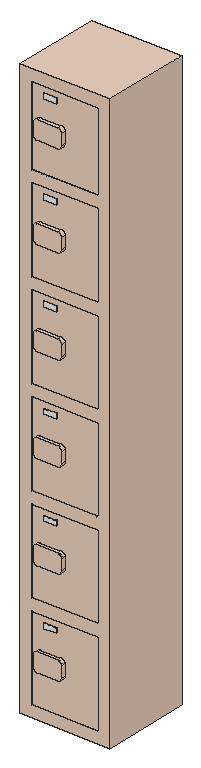
Revit family
Parameters
  Width = 1' - 0"
  Warranty Duration (Years) = 0
  URL = "http://www.asilockers.com/"
  Specification = "http://www.arcat.com/sdspecs/htm/10503asi.htm"
  Send Message = "http://www.arcat.com/users.pl?action=UserEmail&company=ASI%20Storage%20Solutions%20Inc.&coid=42798&rep=139&fax=901-312-6197&mf="
  Sales Information = "http://www.asilockers.com/company.html"
  Revision = "R1_08-2010"
  Product Properties = "http://www.arcat.com/bim/bim_info.pl?fn=ASIStorage"
  Product Data = "http://www.arcat.com/arcatcos/cos42/arc42798.html"
  Number Plate Material = Metal - Polished Aluminum
  Model = "As Specified in 10 51 13"
  Manufacturer Website = "http://www.asilockers.com/"
  Manufacturer Phone = "901-312-6195 "
  Manufacturer Fax = "901-312-6197"
  Manufacturer Address = "4444 Delp St., Memphis, TN 38118"
  Manufacturer = "ASI Storage Solutions Inc."
  Maintenance Schedule (Months) = 0
  Keynote = "10 51 13"
  Installation-Fabrication = "http://www.asilockers.com/installation-assembly/installation.pdf"
  Installation Phase = ""
  Height = 6' - 6"
  Finish = "High density polyethylene (HDPE) sheet"
  Expected Lifespan (Years) = 0
  Drawn By = "Robert S. Weygant, CSI, CDT, SCIP"
  Description = "As Specified in 10 51 13"
  Depth = 1' - 0"
  Copyright = "2010, ARCAT, Inc"
  Construction Details = "http://www.asilockers.com/installation-assembly/one-page-assembly.pdf"
  Color Chart = "http://www.asilockers.com/color-guide.html"
  Color [instance] = Plastic - Ivory Essence Speckle #9500
  Assembly Code = "E2010200"
Reference planes (in)
  plane 1 "Center (Front/Back)": y = 0
  plane 2 "Bottom": z = 0
  plane 3 "Center (Left/Right)": x = 0
  plane 4 "Front": y = -6
  plane 5 "Back": y = 6
  plane 6 "Left": x = -6
  plane 7 "Right": x = 6
  plane 8 "Top": z = 78
  plane 9 "General Ref 2": z = 65.125
  plane 10 "General Ref 3": z = 52.25
  plane 11 "General Ref 4": z = 39.375
  plane 12 "General Ref 1": z = 77.25
  plane 13 "General Ref 5": z = 0.75
  plane 14 "General Ref 6": z = 26.5
  plane 15 "General Ref 7": z = 13.625
Forms (in)
  Extrusion 1, solid, material "Plastic - Ivory Essence Speckle #9500" <- "Color"
    sketch origin (0, 0, 0) x (1, 0, 0) y (0, 0, 1)
      loop
        line (-6, 78) -> (-6, 0) -> (6, 0) -> (6, 78) -> (-6, 78)
      loop
        line (4.5, 76.5) -> (-4.5, 76.5) -> (-4.5, 65.875) -> (4.5, 65.875) -> (4.5, 76.5)
      loop
        line (-4.5, 1.5) -> (4.5, 1.5) -> (4.5, 12.875) -> (-4.5, 12.875) -> (-4.5, 1.5)
      loop
        line (-4.5, 64.375) -> (-4.5, 53) -> (4.5, 53) -> (4.5, 64.375) -> (-4.5, 64.375)
      loop
        line (-4.5, 51.5) -> (-4.5, 40.125) -> (4.5, 40.125) -> (4.5, 51.5) -> (-4.5, 51.5)
      loop
        line (-4.5, 38.625) -> (-4.5, 27.25) -> (4.5, 27.25) -> (4.5, 38.625) -> (-4.5, 38.625)
      loop
        line (-4.5, 25.75) -> (-4.5, 14.375) -> (4.5, 14.375) -> (4.5, 25.75) -> (-4.5, 25.75)
    from -6 to 6
  Extrusion 2, solid, material "Plastic - Ivory Essence Speckle #9500" <- "Color"
    sketch origin (0, 0, 0) x (1, 0, 0) y (0, 0, 1)
      loop
        line (5, 76.75) -> (-5, 76.75) -> (-5, 1.25) -> (5, 1.25) -> (5, 76.75)
    from -6 to 5.88
Cuts and joins
  joined: Extrusion 1, Extrusion 2
Dimensions and locks (in)
  equal spacing: plane 6 "Left", plane 3 "Center (Left/Right)", plane 7 "Right"
  equal spacing: plane 5 "Back", plane 1 "Center (Front/Back)", plane 4 "Front"
  "Width": plane 6 "Left" to plane 7 "Right"
  "Depth": plane 5 "Back" to plane 4 "Front"
  "Height": plane 8 "Top" to level
  locked: plane 4 "Front" to Extrusion 2 at 0.12
  equal spacing: plane 8 "Top", plane 9 "General Ref 2", plane 10 "General Ref 3", plane 11 "General Ref 4", plane 14 "General Ref 6", plane 15 "General Ref 7", plane 13 "General Ref 5"
  equal spacing: plane 12 "General Ref 1", nested 2, plane 9 "General Ref 2"
  equal spacing: plane 9 "General Ref 2", nested 3, plane 10 "General Ref 3"
  equal spacing: plane 10 "General Ref 3", nested 4, plane 11 "General Ref 4"
  equal spacing: plane 11 "General Ref 4", nested 5, plane 14 "General Ref 6"
  locked: plane 8 "Top" to plane 12 "General Ref 1" at 0.75
  equal spacing: plane 14 "General Ref 6", nested 6, plane 15 "General Ref 7"
  equal spacing: plane 15 "General Ref 7", nested 7, plane 13 "General Ref 5"
  locked: plane 12 "General Ref 1" to nested 1 at 2
  locked: nested 2 to plane 6 "Left" at 4
  locked: plane 9 "General Ref 2" to nested 9 at 2
  locked: plane 10 "General Ref 3" to nested 11 at 2
  locked: plane 11 "General Ref 4" to nested 13 at 2
  locked: plane 14 "General Ref 6" to nested 15 at 2
  locked: plane 15 "General Ref 7" to nested 17 at 2
  locked: plane 12 "General Ref 1" to nested 8 at 1.875
  locked: plane 9 "General Ref 2" to nested 10 at 1.875
  locked: plane 10 "General Ref 3" to nested 12 at 1.875
  locked: plane 11 "General Ref 4" to nested 14 at 1.875
  locked: plane 14 "General Ref 6" to nested 16 at 1.875
  locked: plane 15 "General Ref 7" to nested 18 at 1.875
  locked: plane 13 "General Ref 5" to level at 0.75
  aligned and locked: plane 5 "Back" to Extrusion 1
  aligned and locked: Extrusion 1 to plane 4 "Front"
  aligned and locked: plane 5 "Back" to Extrusion 2
  aligned and locked: nested 3 to nested 2
  aligned and locked: nested 4 to nested 2
  aligned and locked: nested 5 to nested 2
  aligned and locked: nested 6 to nested 2
  aligned and locked: nested 7 to nested 2
  aligned and locked: plane 3 "Center (Left/Right)" to nested 8
  aligned and locked: nested 2 to nested 1
  aligned and locked: nested 9 to nested 2
  aligned and locked: nested 11 to nested 2
  aligned and locked: nested 13 to nested 2
  aligned and locked: nested 15 to nested 2
  aligned and locked: nested 17 to nested 2
Automatic sketch dimensions
  Extrusion 1 sketch curve to plane 6 "Left" = 0' - 0"
  Extrusion 1 sketch curve to plane 7 "Right" = 0' - 0"
  Extrusion 1 sketch curve to plane 8 "Top" = 0' - 0"
  plane 6 "Left" to Extrusion 1 sketch curve = 0' - 1 1/2"  (x5)
  Extrusion 1 sketch curve to Extrusion 1 sketch curve = 0' - 0"  (x5)
  Extrusion 1 sketch curve to plane 7 "Right" = 0' - 1 1/2"  (x2)
  Extrusion 1 sketch curve to plane 13 "General Ref 5" = 0' - 0 3/4"
  Extrusion 1 sketch curve to plane 15 "General Ref 7" = 0' - 0 3/4"
  plane 15 "General Ref 7" to Extrusion 1 sketch curve = 0' - 0 3/4"
  Extrusion 1 sketch curve to plane 14 "General Ref 6" = 0' - 0 3/4"
  plane 14 "General Ref 6" to Extrusion 1 sketch curve = 0' - 0 3/4"
  Extrusion 1 sketch curve to plane 11 "General Ref 4" = 0' - 0 3/4"
  plane 11 "General Ref 4" to Extrusion 1 sketch curve = 0' - 0 3/4"
  Extrusion 1 sketch curve to plane 10 "General Ref 3" = 0' - 0 3/4"
  plane 10 "General Ref 3" to Extrusion 1 sketch curve = 0' - 0 3/4"
  Extrusion 1 sketch curve to plane 9 "General Ref 2" = 0' - 0 3/4"
  plane 9 "General Ref 2" to Extrusion 1 sketch curve = 0' - 0 3/4"
  Extrusion 1 sketch curve to plane 12 "General Ref 1" = 0' - 0 3/4"
  plane 6 "Left" to Extrusion 2 sketch curve = 0' - 1"
  Extrusion 2 sketch curve to plane 7 "Right" = 0' - 1"
  Extrusion 2 sketch curve to plane 13 "General Ref 5" = 0' - 0 1/2"
  Extrusion 2 sketch curve to plane 12 "General Ref 1" = 0' - 0 1/2"
  Extrusion 1 sketch curve to level = 0' - 0"
Nested families (in)
  nested 1: "Number Plate" at (-2, -5.88, 75.25) x (1, 0, 0) z (0, -1, 0), type "Number Plate"
  nested 2: "Handle-Locker-Plastic" at (-2, -5.88, 71.1875) x (1, 0, 0) z (0, -1, 0), type "Handle-Locker-Plastic"
  nested 3: "Handle-Locker-Plastic" at (-2, -5.88, 58.6875) x (1, 0, 0) z (0, -1, 0), type "Handle-Locker-Plastic"
  nested 4: "Handle-Locker-Plastic" at (-2, -5.88, 45.8125) x (1, 0, 0) z (0, -1, 0), type "Handle-Locker-Plastic"
  nested 5: "Handle-Locker-Plastic" at (-2, -5.88, 32.9375) x (1, 0, 0) z (0, -1, 0), type "Handle-Locker-Plastic"
  nested 6: "Handle-Locker-Plastic" at (-2, -5.88, 20.0625) x (1, 0, 0) z (0, -1, 0), type "Handle-Locker-Plastic"
  nested 7: "Handle-Locker-Plastic" at (-2, -5.88, 7.1875) x (1, 0, 0) z (0, -1, 0), type "Handle-Locker-Plastic"
  nested 8: "Round_Holes-3x" at (0, -5.88, 73.5625) x (1, 0, 0) z (0, -1, 0), type "Grille-Diamonds"
  nested 9: "Number Plate" at (-2, -5.88, 63.125) x (1, 0, 0) z (0, -1, 0), type "Number Plate"
  nested 10: "Round_Holes-3x" at (0, -5.88, 61.4375) x (1, 0, 0) z (0, -1, 0), type "Grille-Diamonds"
  nested 11: "Number Plate" at (-2, -5.88, 50.25) x (1, 0, 0) z (0, -1, 0), type "Number Plate"
  nested 12: "Round_Holes-3x" at (0, -5.88, 48.5625) x (1, 0, 0) z (0, -1, 0), type "Grille-Diamonds"
  nested 13: "Number Plate" at (-2, -5.88, 37.375) x (1, 0, 0) z (0, -1, 0), type "Number Plate"
  nested 14: "Round_Holes-3x" at (0, -5.88, 35.6875) x (1, 0, 0) z (0, -1, 0), type "Grille-Diamonds"
  nested 15: "Number Plate" at (-2, -5.88, 24.5) x (1, 0, 0) z (0, -1, 0), type "Number Plate"
  nested 16: "Round_Holes-3x" at (0, -5.88, 22.8125) x (1, 0, 0) z (0, -1, 0), type "Grille-Diamonds"
  nested 17: "Number Plate" at (-2, -5.88, 11.625) x (1, 0, 0) z (0, -1, 0), type "Number Plate"
  nested 18: "Round_Holes-3x" at (0, -5.88, 9.9375) x (1, 0, 0) z (0, -1, 0), type "Grille-Diamonds"
Definition of nested family "Number Plate"
  Parameters
    Number Plate Material = none
    Default Elevation = 4' - 0"
  Reference planes (in)
    plane 1 "Center (Front/Back)": y = 0
    plane 2: z = 0
    plane 3 "Center (Left/Right)": x = 0
  Forms (in)
    Extrusion 1, solid, material <- "Number Plate Material"
      sketch origin (0, 50.91051, 0.0625) x (0, -1, 0) y (-1, 0, 0)
        loop
          line (51.25426, 0.84375) -> (50.56676, 0.84375) -> (50.56676, -0.84375) -> (51.25426, -0.84375) -> (51.25426, 0.84375)
      from 0 to 0.0625
  Dimensions and locks (in)
    Extrusion 1 to Extrusion 1 = 0' - 1 11/16"
Definition of nested family "Handle-Locker-Plastic"
  Parameters
    Material = none
    Default Elevation = 4' - 0"
  Reference planes (in)
    plane 1 "Center (Front/Back)": y = 0
    plane 2: z = 0
    plane 3 "Center (Left/Right)": x = 0
  Forms (in)
    Extrusion 1, solid, material <- "Material"
      sketch origin (0, 0, 0) x (1, 0, 0) y (0, 1, 0)
        loop
          arc (-1.375, 1.25) -> (-1.72855, 1.10355) -> (-1.875, 0.75) r 0.5
          line (-1.875, 0.75) -> (-1.875, -0.75)
          arc (-1.875, -0.75) -> (-1.72855, -1.10355) -> (-1.375, -1.25) r 0.5
          line (-1.375, -1.25) -> (1.375, -1.25)
          arc (1.375, -1.25) -> (1.72855, -1.10355) -> (1.875, -0.75) r 0.5
          line (1.875, -0.75) -> (1.875, 0.75)
          arc (1.875, 0.75) -> (1.72855, 1.10355) -> (1.375, 1.25) r 0.5
          line (1.375, 1.25) -> (-1.375, 1.25)
      from 0 to 0.5
Definition of nested family "Round_Holes-3x"
  Parameters (values of type "Grille-Diamonds")
    Default Elevation = 4' - 0"
    Assembly Code = ""
  Reference planes (in)
    plane 1 "Center (Front/Back)": y = 0
    plane 2: z = 0
    plane 3 "Center (Left/Right)": x = 0
    plane 4: y = 1.8125
  Forms (in)
    Extrusion 1, solid
      sketch origin (0, 0, 0) x (1, 0, 0) y (0, 1, 0)
        loop
          line (-48, 48) -> (-48, -48) -> (48, -48) -> (48, 48) -> (-48, 48)
      from 0 to -12
  Lines and regions (in)
    model lines
      curve 1: circle (3.125, 0, 0) r 0.1875 normal (0, 0, 1)
      curve 2: circle (2, 0, 0) r 0.1875 normal (0, 0, 1)
      curve 3: circle (0.875, 0, 0) r 0.1875 normal (0, 0, 1)
      curve 4: circle (3.125, 0.90625, 0) r 0.1875 normal (0, 0, 1)
      curve 5: circle (2, 0.90625, 0) r 0.1875 normal (0, 0, 1)
      curve 6: circle (0.875, 0.90625, 0) r 0.1875 normal (0, 0, 1)
      curve 7: circle (3.125, 1.8125, 0) r 0.1875 normal (0, 0, 1)
      curve 8: circle (2, 1.8125, 0) r 0.1875 normal (0, 0, 1)
      curve 9: circle (0.875, 1.8125, 0) r 0.1875 normal (0, 0, 1)
  Dimensions and locks (in)
    aligned and locked: plane 2 to Extrusion 1
    aligned and locked: level to Extrusion 1
